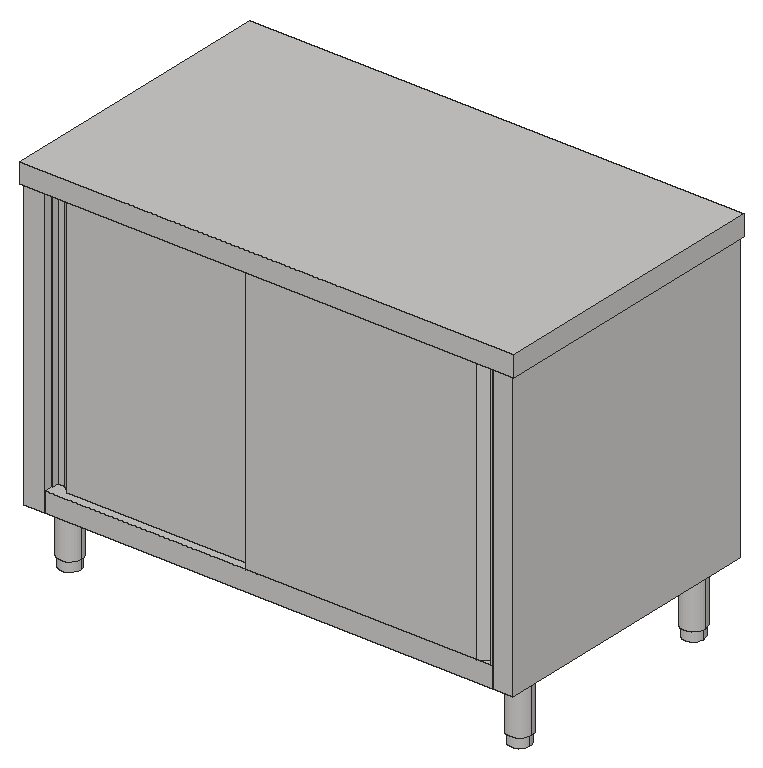
Revit family "QF_ELECTROLUXPROFESSIONAL_133085_TND1200EN", category Attrezzature speciali, Revit 2020
Family settings
  Quota connettore circolare = Usa diametro
  Tipo di parte = Normale
  Basato su piano di lavoro = No
  Sempre verticale = Sì
  Taglio con vuoti quando caricato = No
  Condiviso = No
  Punto di calcolo locali = No
Parameters (values of type "Standard")
  Weight = 55.00 kg
  Watts = 0 W
  Volts = 0 V
  URL Manufacturer = "https://www.electroluxprofessional.com/"
  URL = "https://www.electroluxprofessional.com/"
  Steam Supply Size = 0 mm
  Steam Supply Minimum Pressure = 0.0 Pa
  Steam Supply Maximum Pressure = 0.0 Pa
  Steam Consumption per Hour = 0
  Refrigeration Suction Line Size = 0.0 mm
  Refrigeration Liquid Line Size = 0.0 mm
  Refrigerant Compressor Remote = yes
  Prospetto di default = 0.0 mm
  Produttore = "Electrolux Professional"
  Phase = 0
  Modello = "TND1200EN"
  Length Actual = 1200.0 mm  # constant formula
  Item Number = "133085"
  Hot Water Size = 0 mm
  Height Actual = 900.0 mm  # constant formula
  HP = "0 HP"
  Gas Size = 0 mm
  Gas KW = 0
  Gas Input Pressure = 0 W
  Direct Waste Size = 0 mm
  Descrizione = "PASS-THROUGH WORKTOP CUPBOARD 1200 MM"
  Depth Actual = 700.0 mm  # constant formula
  Cycle = 0 Hz
  Condensate Return Size = 0 mm
  Compressed Air Volume = 0.0 L/s
  Compressed Air Size = 0 mm
  Compressed Air Pressure = 0.0 Pa
  Cold Water Size = 0 mm
  Accessory = yes
Reference planes
  plane 1 "Center (Front/Back)": y = 0
  plane 2: z = 0
  plane 3 "Center (Left/Right)": x = -100
  plane 4 "LEFT": x = -700
  plane 5 "RIGHT": x = 500
  plane 6 "BACK": y = 350
  plane 7 "FRONT": y = -350
  plane 8 "Base": z = 850
  plane 9 "TOP": z = 900
  plane 10: x = -646.9
  plane 11: x = 446.9
  plane 12: y = 264.5
  plane 13: y = -264.5
  plane 14 "BodyLeft": x = -694.5
  plane 15 "BodyFront": y = -344.5
  plane 16 "BodyRight": x = 494.5
  plane 17 "BodyBack": y = 344.5
  plane 18 "FEET": z = 150
  plane 19: x = -45.5
  plane 20: x = -154.5
Forms (mm)
  Extrusion 1, solid, material "QF_Finishes_Stainless Steel"
    sketch origin (-100, 0, 0) x (0, 1, 0) y (0, 0, 1)
      loop
        line (-350, 850) -> (350, 850) -> (350, 900) -> (-350, 900) -> (-350, 850)
    from 600 to -600
  Extrusion 2, solid, material "QF_Finishes_Stainless Steel"
    sketch origin (0, 0, 150) x (-1, 0, 0) y (0, -1, 0)
      loop
        line (694.5, -344.5) -> (694.5, 344.5) -> (644.5, 344.5) -> (644.5, -344.5) -> (694.5, -344.5)
      loop
        line (-444.5, -344.5) -> (-444.5, 344.5) -> (-494.5, 344.5) -> (-494.5, -344.5) -> (-444.5, -344.5)
    from 0 to 700
  Extrusion 3, solid, material "QF_Finishes_Stainless Steel"
    sketch origin (0, 0, 150) x (-1, 0, 0) y (0, -1, 0)
      loop
        line (644.5, -344.5) -> (644.5, 344.5) -> (-444.5, 344.5) -> (-444.5, -344.5) -> (644.5, -344.5)
    from 0 to 50
  Extrusion 4, solid, material "QF_Finishes_Stainless Steel"
    sketch origin (0, 0, 150) x (-1, 0, 0) y (0, -1, 0)
      loop
        line (-445.9, 344.5) -> (-445.9, 324.5) -> (154.5, 324.5) -> (154.5, 344.5) -> (-405.9, 344.5) -> (-425.9, 329.5) -> (-440.9, 329.5) -> (-440.9, 344.5) -> (-445.9, 344.5)
    from 50 to 700
  Extrusion 5, solid, material "QF_Finishes_Stainless Steel"
    sketch origin (0, 20, 150) x (1, 0, 0) y (0, 1, 0)
      loop
        line (-645.9, -344.5) -> (-640.9, -344.5) -> (-640.9, -329.5) -> (-625.9, -329.5) -> (-605.9, -344.5) -> (-45.5, -344.5) -> (-45.5, -324.5) -> (-645.9, -324.5) -> (-645.9, -344.5)
    from 50 to 700
  Extrusion 6, solid, material "QF_Finishes_Stainless Steel"
    sketch origin (0, 0, 150) x (-1, 0, 0) y (0, -1, 0)
      loop
        line (-444.5, -344.5) -> (-439.5, -344.5) -> (-439.5, -329.5) -> (-424.5, -329.5) -> (-404.5, -344.5) -> (154.5, -344.5) -> (154.5, -324.5) -> (-444.5, -324.5) -> (-444.5, -344.5)
    from 50 to 700
  Extrusion 7, solid, material "QF_Finishes_Stainless Steel"
    sketch origin (0, -20, 150) x (1, 0, 0) y (0, 1, 0)
      loop
        line (-644.5, 344.5) -> (-644.5, 324.5) -> (-45.5, 324.5) -> (-45.5, 344.5) -> (-604.5, 344.5) -> (-624.5, 329.5) -> (-639.5, 329.5) -> (-639.5, 344.5) -> (-644.5, 344.5)
    from 50 to 700
  Extrusion 8, solid, material "QF_Finishes_Stainless Steel"
    sketch origin (0, 0, 0) x (1, 0, 0) y (0, 1, 0)
      loop
        line (-644.5, -304.5) -> (444.5, -304.5) -> (444.5, 304.5) -> (-644.5, 304.5) -> (-644.5, -304.5)
    from 500 to 540
Lines and regions (mm)
  symbolic lines
    curve 1: line (500, 350, 900) -> (-700, 350, 900)
    curve 2: line (-700, 350, 900) -> (-700, -350, 900)
    curve 3: line (-700, -350, 900) -> (500, -350, 900)
    curve 4: line (500, -350, 900) -> (500, 350, 900)
  symbolic lines, style "SpecialityEquipmentHiddenLines"
    curve 5: line (-694.5, 344.5, 150) -> (494.5, 344.5, 150)
    curve 6: line (-694.5, -344.5, 150) -> (-694.5, 344.5, 150)
    curve 7: line (494.5, -344.5, 150) -> (-694.5, -344.5, 150)
    curve 8: line (494.5, 344.5, 150) -> (494.5, -344.5, 150)
    curve 9: line (-645.9, -304.5, 150) -> (-45.5, -304.5, 150)
    curve 10: line (-45.5, -304.5, 150) -> (-45.5, -324.5, 150)
    curve 11: line (-645.9, -324.5, 150) -> (445.9, -324.5, 150)
    curve 12: line (445.9, -324.5, 150) -> (445.9, -344.5, 150)
    curve 13: line (-154.5, -324.5, 150) -> (-154.5, -344.5, 150)
    curve 14: line (-645.9, -304.5, 150) -> (-645.9, -324.5, 150)
Dimensions and locks
  plane 4 "LEFT" to plane 5 "RIGHT" = 1200.0 mm
  equal spacing: plane 4 "LEFT", plane 3 "Center (Left/Right)", plane 5 "RIGHT"
  locked: plane 8 "Base" to level at 850
  plane 9 "TOP" to level = 900.0 mm
  plane 6 "BACK" to plane 7 "FRONT" = 700.0 mm
  equal spacing: plane 6 "BACK", plane 1 "Center (Front/Back)", plane 7 "FRONT"
  locked: plane 4 "LEFT" to plane 14 "BodyLeft" at 5.5
  locked: plane 16 "BodyRight" to plane 5 "RIGHT" at 5.5
  locked: plane 15 "BodyFront" to plane 7 "FRONT" at 5.5
  locked: plane 6 "BACK" to plane 17 "BodyBack" at 5.5
  locked: plane 14 "BodyLeft" to plane 10 at 47.6
  locked: plane 11 to plane 16 "BodyRight" at 47.6
  locked: plane 13 to plane 15 "BodyFront" at 80
  locked: plane 17 "BodyBack" to plane 12 at 80
  plane 10 to plane 11 = 1093.8 mm
  plane 12 to plane 13 = 529.0 mm
  locked: plane 14 "BodyLeft" to Extrusion 2 sketch curve at 50
  locked: Extrusion 2 sketch curve to Extrusion 2 sketch curve at 50
  locked: plane 3 "Center (Left/Right)" to plane 19 at 54.5
  locked: plane 20 to plane 3 "Center (Left/Right)" at 54.5
  locked: plane 18 "FEET" to level at 150
  aligned and locked: level to plane 2
  aligned and locked: plane 10 to nested 1
  aligned and locked: nested 1 to plane 13
  aligned and locked: plane 11 to nested 2
  aligned and locked: nested 2 to plane 13
  aligned and locked: plane 11 to nested 4
  aligned and locked: nested 4 to plane 12
  aligned and locked: plane 10 to nested 3
  aligned and locked: nested 3 to plane 12
  aligned and locked: Extrusion 1 to plane 4 "LEFT"
  aligned and locked: plane 5 "RIGHT" to Extrusion 1
  aligned and locked: curve 2 to plane 4 "LEFT"
  aligned and locked: plane 17 "BodyBack" to Extrusion 2 sketch curve
  aligned and locked: Extrusion 2 sketch curve to plane 15 "BodyFront"
  aligned and locked: Extrusion 2 sketch curve to plane 14 "BodyLeft"
  aligned and locked: plane 16 "BodyRight" to Extrusion 2 sketch curve
  aligned and locked: Extrusion 2 sketch curve to plane 17 "BodyBack"
  aligned and locked: plane 15 "BodyFront" to Extrusion 2 sketch curve
  aligned and locked: Extrusion 3 sketch curve to plane 17 "BodyBack"
  aligned and locked: plane 15 "BodyFront" to Extrusion 3 sketch curve
  aligned and locked: plane 8 "Base" to Extrusion 2
  aligned and locked: plane 8 "Base" to Extrusion 4
  aligned and locked: Extrusion 4 to Extrusion 3
  aligned and locked: Extrusion 5 sketch curve to plane 19
  aligned and locked: Extrusion 4 sketch curve to plane 20
  aligned and locked: Extrusion 1 to plane 8 "Base"
  aligned and locked: plane 9 "TOP" to Extrusion 1
  aligned and locked: curve 5 to plane 17 "BodyBack"
  aligned and locked: plane 14 "BodyLeft" to curve 6
  aligned and locked: plane 15 "BodyFront" to curve 7
  aligned and locked: plane 16 "BodyRight" to curve 8
  aligned and locked: Extrusion 3 to Extrusion 2  (x2)
  aligned and locked: Extrusion 8 sketch curve to Extrusion 7
  aligned and locked: Extrusion 8 sketch curve to Extrusion 2  (x2)
  aligned and locked: Extrusion 8 sketch curve to Extrusion 5
Automatic sketch dimensions
  curve 3 to plane 7 "FRONT" = 0.0 mm
  curve 4 to plane 6 "BACK" = 0.0 mm
  Extrusion 1 sketch curve to plane 7 "FRONT" = 0.0 mm
  Extrusion 1 sketch curve to plane 6 "BACK" = 0.0 mm
  Extrusion 1 sketch curve to plane 8 "Base" = 0.0 mm
  Extrusion 1 sketch curve to plane 9 "TOP" = 0.0 mm
  Extrusion 3 sketch curve to plane 11 = 2.4 mm
  plane 10 to Extrusion 3 sketch curve = 2.4 mm
  Extrusion 4 sketch curve to plane 15 "BodyFront" = 0.0 mm  (x2)
  Extrusion 4 sketch curve to plane 11 = 41.0 mm
  Extrusion 4 sketch curve to plane 11 = 21.0 mm
  Extrusion 4 sketch curve to plane 11 = 6.0 mm
  Extrusion 4 sketch curve to plane 11 = 1.0 mm
  plane 15 "BodyFront" to Extrusion 4 sketch curve = 15.0 mm
  plane 15 "BodyFront" to Extrusion 4 sketch curve = 20.0 mm
  Extrusion 5 sketch curve to plane 15 "BodyFront" = 20.0 mm  (x2)
  Extrusion 5 sketch curve to plane 10 = 41.0 mm
  Extrusion 5 sketch curve to plane 10 = 21.0 mm
  Extrusion 5 sketch curve to plane 10 = 6.0 mm
  Extrusion 5 sketch curve to plane 10 = 1.0 mm
  Extrusion 5 sketch curve to Extrusion 5 sketch curve = 15.0 mm
  Extrusion 5 sketch curve to Extrusion 5 sketch curve = 20.0 mm
  curve 10 to plane 19 = 0.0 mm
  curve 13 to plane 20 = 0.0 mm
  curve 11 to plane 11 = 1.0 mm
  plane 10 to curve 11 = 1.0 mm
  plane 15 "BodyFront" to curve 9 = 40.0 mm
  curve 12 to curve 12 = 20.0 mm
  Extrusion 6 sketch curve to plane 17 "BodyBack" = 0.0 mm  (x2)
  Extrusion 6 sketch curve to plane 20 = 0.0 mm
  plane 11 to Extrusion 6 sketch curve = 42.4 mm
  plane 11 to Extrusion 6 sketch curve = 22.4 mm
  plane 11 to Extrusion 6 sketch curve = 7.4 mm
  plane 11 to Extrusion 6 sketch curve = 2.4 mm
  plane 17 "BodyBack" to Extrusion 6 sketch curve = 15.0 mm
  plane 17 "BodyBack" to Extrusion 6 sketch curve = 20.0 mm
  Extrusion 7 sketch curve to plane 19 = 0.0 mm
  Extrusion 7 sketch curve to plane 17 "BodyBack" = 20.0 mm  (x2)
  plane 10 to Extrusion 7 sketch curve = 42.4 mm
  plane 10 to Extrusion 7 sketch curve = 22.4 mm
  plane 10 to Extrusion 7 sketch curve = 7.4 mm
  plane 10 to Extrusion 7 sketch curve = 2.4 mm
  Extrusion 7 sketch curve to Extrusion 7 sketch curve = 15.0 mm
  Extrusion 7 sketch curve to Extrusion 7 sketch curve = 20.0 mm
  curve 4 to plane 5 "RIGHT" = 0.0 mm
Nested families
  nested 1: "FEET_D58-150" at (-646.9, -264.5, 0), type "FEET_D58-150"
  nested 2: "FEET_D58-150" at (446.9, -264.5, 0), type "FEET_D58-150"
  nested 3: "FEET_D58-150" at (-646.9, 264.5, 0), type "FEET_D58-150"
  nested 4: "FEET_D58-150" at (446.9, 264.5, 0), type "FEET_D58-150"
Definition of nested family "FEET_D58-150"
  Parameters
    Default Elevation = 0.0 mm
    FEET = 150.0 mm
  Reference planes
    plane 1 "Center (Front/Back)": y = 0
    plane 2: z = 0
    plane 3 "Center (Left/Right)": x = 0
    plane 4: z = 150
  Forms (mm)
    Extrusion 1, solid
      sketch origin (0, 0, 0) x (1, 0, 0) y (0, 1, 0)
        loop
          circle (0, 0) r 25
      from 0 to 25
    Extrusion 2, solid
      sketch origin (0, 0, 0) x (1, 0, 0) y (0, 1, 0)
        loop
          circle (0.061, 0) r 29
      from 25 to 150 <- "FEET"
  Lines and regions (mm)
    symbolic lines
      curve 1: line (0, -1.503, 0) -> (0, 1.508, 0)
      curve 2: line (1.561, 0, 0) -> (-1.439, 0, 0)
  Dimensions and locks
    "FEET": plane 4 to plane 2
    aligned and locked: level to plane 2
  Automatic sketch dimensions
    plane 1 "Center (Front/Back)" to Extrusion 1 sketch curve = 0.0 mm
    Extrusion 1 sketch curve to plane 3 "Center (Left/Right)" = 0.0 mm
    plane 1 "Center (Front/Back)" to curve 2 = 0.0 mm
    curve 1 to plane 3 "Center (Left/Right)" = 0.0 mm
    curve 2 to plane 3 "Center (Left/Right)" = 1.439 mm
    plane 3 "Center (Left/Right)" to curve 2 = 1.561 mm
    plane 1 "Center (Front/Back)" to curve 1 = 1.503 mm
    curve 1 to plane 1 "Center (Front/Back)" = 1.508 mm
    plane 1 "Center (Front/Back)" to Extrusion 2 sketch curve = 0.0 mm
    plane 3 "Center (Left/Right)" to Extrusion 2 sketch curve = 0.061 mm
    radius of Extrusion 1 sketch curve = 25.0 mm
    radius of Extrusion 2 sketch curve = 29.0 mm
